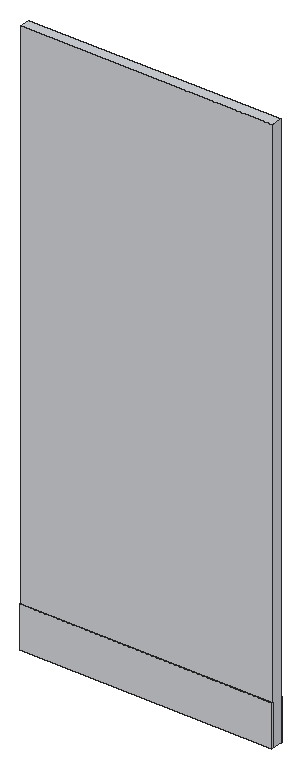
Revit family "BG_DORc_Leaf-Type2Pivot", category Doors, Revit 2020
Family settings
  Work Plane-Based = Yes
  Always vertical = No
  Cut with Voids When Loaded = No
  Shared = Yes
  Room Calculation Point = No
Parameters (values of type "Typical")
  Width [instance] = 920 mm
  Undercut [instance] = 0 mm
  Rough Width = 0 mm  # constant formula
  Rough Height = 0 mm  # constant formula
  Protection height int [instance] = 150 mm
  Protection height ext [instance] = 150 mm
  Protection finish int [instance] = none
  Protection finish ext [instance] = none
  Pivot inset [instance] = 100 mm
  Internal finish [instance] = none
  Leaf thickness [instance] = 40 mm
  Height [instance] = 2040 mm
  Handle height [instance] = 1000 mm
  Define Thermal Properties by = Schematic Type
  Core finish = none
  External finish [instance] = none
  Default Elevation = 1219.2 mm
  Analytic Construction = "<None>"
Reference planes
  plane 1 "Front": y = 0
  plane 2 "Center (Elevation)": z = 0
  plane 3 "Center (Left/Right)": x = 0
  plane 4: z = 2040
  plane 5: x = -820
  plane 6 "Back": y = -20
  plane 7: z = 1000
  plane 8 "Center L/S": y = 20
  plane 9: x = 100
Forms (mm)
  Extrusion 1, solid, material <- "Core finish"
    sketch origin (1.5, 0, 0) x (-0.707107, 0.707107, 0) y (-0.707107, -0.707107, 0)
      loop
        line (-83.792, -55.508) -> (-55.508, -83.792) -> (595.03, 566.746) -> (566.746, 595.03) -> (-83.792, -55.508)
    from 0 <- "Undercut" to 2040 <- "Height"
Lines and regions (mm)
  symbolic lines, style "InvisibleLines", detail levels coarse
    curve 1: line (0, 0, 0) -> (0, 80, 0)
    curve 2: line (0, 80, 0) -> (24.749, 55.251, 0)
    curve 3: line (0, 80, 0) -> (-24.749, 55.251, 0)
  model lines, style "Elevation Swing"
    curve 4: line (0, 20, 2040) -> (-820, 20, 1000)
    curve 5: line (-820, 20, 1000) -> (0, 20, 0)
    curve 6: line (0, -20, 2040) -> (-820, -20, 1000)
    curve 7: line (-820, -20, 1000) -> (0, -20, 0)
    curve 8: line (0, -20, 2040) -> (100, -20, 1000)
    curve 9: line (100, -20, 1000) -> (0, -20, 0)
    curve 10: line (0, 20, 2040) -> (100, 20, 1000)
    curve 11: line (100, 20, 1000) -> (0, 20, 0)
Dimensions and locks
  "Height": plane 4 to level
  "Handle height": plane 7 to level
  equal spacing: plane 8 "Center L/S", plane 1 "Front", plane 6 "Back"
  "Leaf thickness": plane 8 "Center L/S" to plane 6 "Back"
  "Pivot inset": plane 3 "Center (Left/Right)" to plane 9
  "Width": plane 5 to plane 9
  aligned and locked: level to plane 2 "Center (Elevation)"
  aligned and locked: plane 6 "Back" to Extrusion 1 sketch curve
  aligned and locked: plane 5 to Extrusion 1 sketch curve
  aligned and locked: nested 1 to plane 5
  aligned and locked: plane 5 to nested 2
  aligned and locked: plane 8 "Center L/S" to Extrusion 1 sketch curve
  aligned and locked: Extrusion 1 sketch curve to plane 9
Automatic sketch dimensions
  curve 2 to plane 3 "Center (Left/Right)" = 0 mm
  plane 1 "Front" to curve 1 = 0 mm
  curve 3 to plane 1 "Front" = 80 mm
  curve 3 to plane 3 "Center (Left/Right)" = 24.749 mm
  plane 3 "Center (Left/Right)" to curve 2 = 24.749 mm
  curve 2 to curve 1 = 24.749 mm
  plane 9 to curve 9 = 0 mm
  curve 8 to plane 7 = 0 mm
  curve 8 to plane 3 "Center (Left/Right)" = 0 mm
  curve 9 to level = 0 mm
  curve 9 to plane 3 "Center (Left/Right)" = 0 mm
  curve 7 to plane 5 = 0 mm
  curve 7 to plane 7 = 0 mm
  curve 8 to plane 4 = 0 mm
  curve 11 to plane 7 = 0 mm
  plane 9 to curve 11 = 0 mm
  curve 5 to level = 0 mm
  curve 5 to plane 3 "Center (Left/Right)" = 0 mm
  curve 10 to plane 3 "Center (Left/Right)" = 0 mm
  curve 5 to plane 5 = 0 mm
  curve 5 to plane 7 = 0 mm
  curve 10 to plane 4 = 0 mm
Nested families
  nested 1: "BG_DORc_Protection-Type1" at (100, 20, 0) x (-1, 0, 0) z (0, 1, 0), Undercut <- "Undercut", Width <- "Width", Height <- "Protection height ext", Protection finish <- "Protection finish ext", type "Typical", detail levels fine
    with Width 920 mm, Undercut 0 mm, Protection on yes, Protection finish none, Height override 150 mm, Height 150 mm
  nested 2: "BG_DORc_Protection-Type1" at (-820, -20, 0) x (1, 0, 0) z (0, -1, 0), Undercut <- "Undercut", Width <- "Width", Height <- "Protection height int", Protection finish <- "Protection finish int", type "Typical", detail levels fine
    with Width 920 mm, Undercut 0 mm, Protection on yes, Protection finish none, Height override 150 mm, Height 150 mm
Definition of nested family "BG_DORc_Protection-Type1"
  Parameters (values of type "Typical")
    Width [instance] = 920 mm
    Undercut [instance] = 25 mm
    Thickness = 2 mm
    Protection on [instance] = Height - Undercut > 2 mm  # yes
    Protection finish [instance] = none
    Height override [instance] = if(Height - Undercut > 2 mm, Height, 2 mm)  # 150 mm
    Height [instance] = 150 mm
    Default Elevation = 1219.2 mm
  Reference planes
    plane 1 "Center (Front/Back)": y = 0
    plane 2: z = 0
    plane 3 "Center (Left/Right)": x = 0
    plane 4: x = 920
    plane 5: y = 150
    plane 6: y = 25
  Forms (mm)
    Extrusion 1, solid
      sketch origin (0, 0, 0) x (1, 0, 0) y (0, 1, 0)
        loop
          line (-1219.2, 1219.2) -> (-1219.2, -1219.2) -> (1219.2, -1219.2) -> (1219.2, 1219.2) -> (-1219.2, 1219.2)
      from 0 to -304.8
    Extrusion 2, solid, material <- "Protection finish", visible <- "Protection on"
      sketch origin (0, 0, 0) x (1, 0, 0) y (0, 1, 0)
        loop
          line (0, 150) -> (0, 25) -> (920, 25) -> (920, 150) -> (0, 150)
      from 0 to 2 <- "Thickness"
  Dimensions and locks
    "Height override": plane 1 "Center (Front/Back)" to plane 5
    "Width": plane 3 "Center (Left/Right)" to plane 4
    "Undercut": plane 1 "Center (Front/Back)" to plane 6
    aligned and locked: plane 2 to Extrusion 1
    aligned and locked: level to Extrusion 1
    aligned and locked: Extrusion 2 sketch curve to plane 3 "Center (Left/Right)"
    aligned and locked: Extrusion 2 sketch curve to plane 5
    aligned and locked: Extrusion 2 sketch curve to plane 4
    aligned and locked: Extrusion 2 sketch curve to plane 6
  Automatic sketch dimensions
    Extrusion 1 sketch curve to Extrusion 1 sketch curve = 2438.4 mm  (x2)
